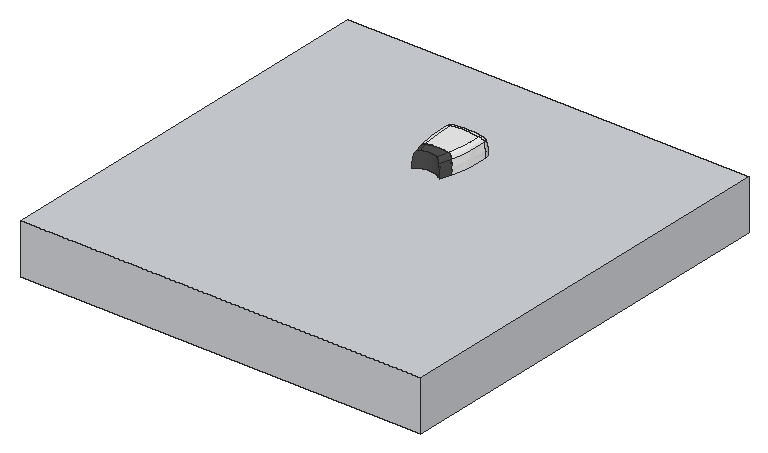
Revit family
Parameters (values of type "B-7188")
  Width = 10 51/256"
  Warranty Information = "Limited Warranty: Motor brushes 3 years; all other parts 5 years."
  URL = "http://www.bobrick.com/"
  Type Comments = ""
  Revised Date = "10/16/2015"  # constant formula
  Product Page URL = "http://www.bobrick.com/washroomaccessories/Pages/ProductDetails.aspx?Product+Number%3DB-7188+115V"
  Product Documentation Link = "http://www.bobrick.com/Documents/B-7180-7188_td.pdf"
  Price = "Prices may vary. Please consult Manufacturer Representative for most up-to-date price list."  # constant formula
  Phone Number = "416-250-5656"  # constant formula
  Omniclass Table 23 Title = "Hand and Hair Dryers"  # constant formula
  Omniclass Table 23 Code = "23.40.20.21.14"  # constant formula
  Model = "B-7188"
  Material = Metal-Bobrick-Chrome Cover
  Manufacturer = "Bobrick"
  Length = 3 115/128"
  Installation Type = "Wall Mounted"
  Height = 13 205/256"
  Description = "TerraDry™ ADA Surface-Mounted Hand Dryer"
  Default Elevation = 48"
  Created By = "Allied Technical Services"  # constant formula
  Assembly Code = "E2010"
  ATS URL = "http://www.atsspec.net"
  208-240V AC, 4.0-4.4 Amp, 50-60 Hz, 1000 Watts, Single Phase, cULus Listed and CE Marked = no
  115V AC, 8.5 Amp, 50/60 Hz, Single Phase, cULus Listed = no
Reference planes (in)
  plane 1 "Center (Front/Back)": y = 0
  plane 2: z = 0
  plane 3 "Center (Left/Right)": x = 0
  plane 4: x = -5.1
  plane 5: x = 5.1
  plane 6: y = 13.8
  plane 7: z = 3.9
Forms (in)
  Extrusion 1, solid
    sketch origin (0, -0.14167, 0) x (1, 0, 0) y (0, 1, 0)
      loop
        line (-48, 36.70479) -> (-48, -61.20407) -> (48, -61.20407) -> (48, 36.70479) -> (-48, 36.70479)
    from 0 to -12
  Extrusion 2, void
    sketch origin (0, 0, 0) x (1, 0, 0) y (0, 1, 0)
      loop
        circle (0, -3.85701) r 7.75
    from 0 to 12
  Extrusion 3, solid, material "Metal-Bobrick-Chrome Cover"
    sketch origin (0.22748, 0, -0.625) x (1, 0, 0) y (0, 1, 0)
      loop
        line (-6.31323, 0) -> (5.68677, 0) -> (5.68677, 14.3) -> (-6.31323, 14.3) -> (-6.31323, 0)
    from 0.625 to 5.46477
  Sweep 4, void
    path origin (0, 0, 0) x (1, 0, 0) y (0, 1, 0)
      loop
        arc (2.99922, -0.97194) -> (4.67975, 5.29246) -> (5.07963, 11.76603) r 32.41826
        arc (5.07963, 11.76603) -> (4.66989, 12.82545) -> (3.69604, 13.41014) r 1.75
        arc (3.69604, 13.41014) -> (0, 13.8) -> (-3.69604, 13.41014) r 17.715
        arc (-3.69604, 13.41014) -> (-4.66989, 12.82545) -> (-5.07963, 11.76603) r 1.75
        arc (-5.07963, 11.76603) -> (-4.66071, 5.1772) -> (-2.91562, -1.19013) r 32.41826
        arc (-2.91562, -1.19013) -> (-2.75157, -1.76685) -> (-2.69626, -2.36388) r 3.25
        line (-2.69626, -2.36388) -> (-2.69626, -7.12928)
    profile origin (-2.69626, -4.74658, 0) x (1, 0, 0) y (0, 0, 1)
      loop
        line (1.69997, 6) -> (-2.63949, 6) -> (-2.63949, 0) -> (0, 0)
        arc (0, 0) -> (0.12038, 1.51821) -> (0.45031, 3.00502) r 10.94705
        arc (0.45031, 3.00502) -> (0.90093, 3.65157) -> (1.64883, 3.9) r 1.25
        line (1.64883, 3.9) -> (1.69997, 3.9) -> (1.69997, 6)
  Extrusion 5, void
    sketch origin (0, 0, 0) x (1, 0, 0) y (0, 0, 1)
      loop
        line (-6.08575, 5.42682) -> (-6.08575, 3.9) -> (6.16425, 3.9) -> (6.16425, 5.42682) -> (-6.08575, 5.42682)
    from -21.00069 to 1.59962
  Extrusion 6, void
    sketch origin (0, 0, 0) x (1, 0, 0) y (0, 1, 0)
      loop
        circle (0, -3.85701) r 5.10872
      loop
        line (5.93157, 1.13087) -> (5.93157, 15.5866) -> (-6.31843, 15.5866) -> (-6.31843, 0.63075)
        arc (-6.31843, 0.63075) -> (-0.31614, 3.88654) -> (5.93157, 1.13087) r 7.75
    from 0 to 12
  Extrusion 7, solid, material "Black"
    sketch origin (0.22748, 0, -0.625) x (1, 0, 0) y (0, 1, 0)
      loop
        line (-6.31323, 0) -> (5.68677, 0) -> (5.68677, 14.3) -> (-6.31323, 14.3) -> (-6.31323, 0)
    from 0.625 to 5.46477
  Sweep 8, void
    path origin (0, 0, 0) x (1, 0, 0) y (0, 1, 0)
      loop
        arc (2.99922, -0.97194) -> (4.67975, 5.29246) -> (5.07963, 11.76603) r 32.41826
        arc (5.07963, 11.76603) -> (4.66989, 12.82545) -> (3.69604, 13.41014) r 1.75
        arc (3.69604, 13.41014) -> (0, 13.8) -> (-3.69604, 13.41014) r 17.715
        arc (-3.69604, 13.41014) -> (-4.66989, 12.82545) -> (-5.07963, 11.76603) r 1.75
        arc (-5.07963, 11.76603) -> (-4.66071, 5.1772) -> (-2.91562, -1.19013) r 32.41826
        arc (-2.91562, -1.19013) -> (-2.75157, -1.76685) -> (-2.69626, -2.36388) r 3.25
        line (-2.69626, -2.36388) -> (-2.69626, -7.12928)
    profile origin (-2.69626, -4.74658, 0) x (1, 0, 0) y (0, 0, 1)
      loop
        line (1.69997, 6) -> (-2.63949, 6) -> (-2.63949, 0) -> (0, 0)
        arc (0, 0) -> (0.12038, 1.51821) -> (0.45031, 3.00502) r 10.94705
        arc (0.45031, 3.00502) -> (0.90093, 3.65157) -> (1.64883, 3.9) r 1.25
        line (1.64883, 3.9) -> (1.69997, 3.9) -> (1.69997, 6)
  Extrusion 9, void
    sketch origin (0, 0, 0) x (1, 0, 0) y (0, 0, 1)
      loop
        line (-6.08575, 5.42682) -> (-6.08575, 3.9) -> (6.16425, 3.9) -> (6.16425, 5.42682) -> (-6.08575, 5.42682)
    from -21.00069 to 1.59962
Cuts and joins
  Extrusion 2, Sweep 4, Extrusion 5, Sweep 8, Extrusion 9 cuts Extrusion 3
  Extrusion 6, Sweep 8, Extrusion 9 cuts Extrusion 7
Dimensions and locks (in)
  aligned and locked: plane 2 to Extrusion 1
  aligned and locked: level to Extrusion 1
